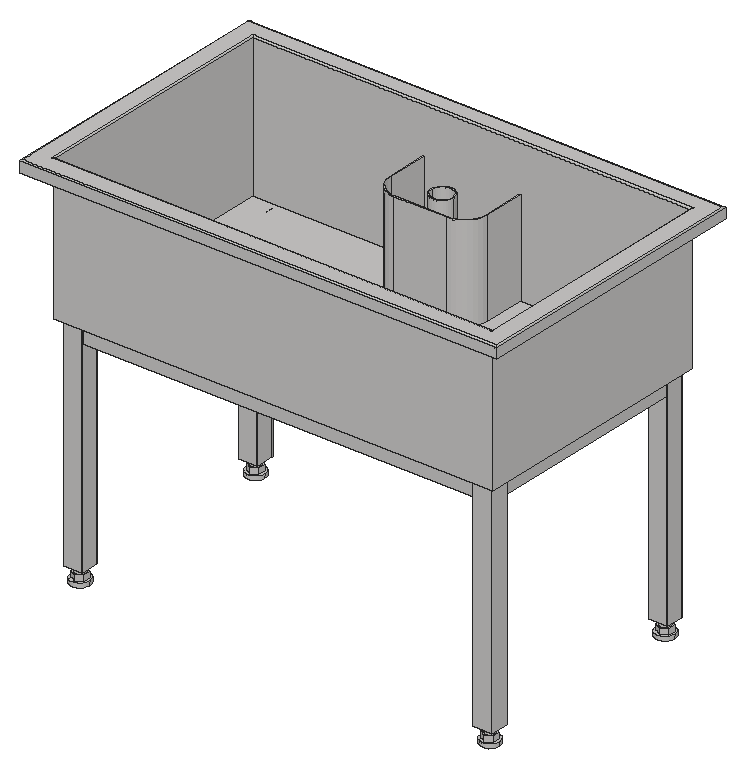
Revit family "PRD_FrankeWS_JntrlUnits_SiriusMultiPurposeSink_SIRX751,SIRX752,SIRX753", category Plumbing Fixtures, Revit 2018
Family settings
  Round Connector Dimension = Use Diameter
  Part Type = Normal
  OmniClass Number = 23.45.05.14.14
  OmniClass Title = Sinks/Lavatories
  Work Plane-Based = No
  Always vertical = Yes
  Cut with Voids When Loaded = No
  Shared = No
  Room Calculation Point = No
Parameters (values of type "SIRX751 - W=100 cm")
  WaterSupplyOverflowAndWasteHolesWaterSupply = "No tapholes"
  WaterSupplyOverflowAndWasteHolesWaste = "Center-Back"
  WaterSupplyOverflowAndWasteHolesOverflow = "Stand pipe overflow"
  WasteSize = 40.00 mm
  WarrantyStartDate [instance] = "1900-12-31T23:59:59"
  WarrantyGuarantorParts = "n/a"
  WarrantyGuarantorLabor = "n/a"
  WarrantyDurationUnit = "year"
  WarrantyDurationParts = "n/a"
  WarrantyDurationLabor = "n/a"
  WarrantyDescription = "n/a"
  Version = "1"
  Uniclass2015Version = "Products v1.5"
  Uniclass2015Title = "Janitorial sinks"
  Uniclass2015Code = "Pr_40_20_96_44"
  URL = "www.kwc.com"
  TagNumber [instance] = "n/a"
  SustainabilityPerformance = "n/a"
  Size = "1000 x 600 x 800 mm"
  SinkType = "Other"
  SinkMounting = "Pedestal"
  SinkMaterial = PRD_AR_StainlessSteel_SatinFinished
  Shape = "Rectangular"
  SerialNumber [instance] = "n/a"
  Revision = "n/a"
  ReplacementCost = "n/a"
  ProductInformation = "https://pim.kwc.com/product/2000100068/attachment/datasheet?locale=en"
  Options = "n/a"
  NominalWidth = 1000 mm
  NominalLength = 0 mm
  NominalHeight = 800 mm
  NominalDepth = 600 mm
  NetWeight = 24.00 kg
  Name = "Sirius multi purpose sink SIRX751"
  NBSTypeID = "n/a"
  NBSReference = "45-35-70/401"
  NBSOfficeMasterTag = "n/a"
  NBSNote = "n/a"
  NBSDescription = "Janitorial units"
  NBSCertification = "n/a"
  ModelReference = "SIRX751"
  ModelNumber = "2000100068"
  Model = ModelReference  # "SIRX751"
  Material = "Stainless steel"
  ManufacturerURL = "www.kwc.com"
  ManufacturerName = "KWC Group AG"  # constant formula
  Manufacturer = ManufacturerName  # "KWC Group AG"
  IntegralAccessories = "n/a"
  InstallationDate [instance] = "1900-12-31T23:59:59"
  IfcExportType = "SINK"
  IfcExportAs = "IfcSanitaryTerminalType"
  GrossWeight = 44.80 kg
  Grade = "n/a"
  Form = "Stainless steel multi purpose sink"
  FinishAndMaterial = "Stainless steel 1.4301"
  Finish = "Satin finished"
  Features = "stainless steel, 1.20 mm, satin finished, floor mounting, 1000x800x600 mm (WxHxD)"
  ExpectedLife = "n/a"
  DurationUnit = "year"
  DrainSize = "DN-40-1-1-2INH"
  Description = "Workroom sink, stainless steel, surface satin finished, material thickness 1.2 mm, 38 mm waste fitting with 1 1/2'' standing plug/overflow tube and strainer, with stainless steel square tube base frame, height adjustable. width: 1000 mm"
  Constituents = "n/a"
  Color = "Stainless steel"
  CodePerformance = "n/a"
  Category = "Pr_40_20_96_44, Janitorial sinks"
  BarCode [instance] = "n/a"
  BIMObjectName = "PRD_AR_JanitorialUnits_SiriusMultiPurposeSink_SIRX751"
  Author = "Archispace"  # constant formula
  AssetType = "Fixed"
  AssetIdentifier [instance] = "n/a"
  AccessibilityPerformance = "n/a"
Types (3, lengths in mm): name | WasteSize | Size | ProductInformation | NominalWidth | NetWeight | Name | ModelReference | ModelNumber | Model | GrossWeight | Features | Description | BIMObjectName
  SIRX751 - W=100 cm | 40.00 | "1000 x 600 x 800 mm" | "https://pim.kwc.com/product/2000100068/attachment/datasheet?locale=en" | 1000 | 24.00 kg | "Sirius multi purpose sink SIRX751" | "SIRX751" | "2000100068" | "SIRX751" | 44.80 kg | "stainless steel, 1.20 mm, satin finished, floor mounting, 1000x800x600 mm (WxHxD)" | "Workroom sink, stainless steel, surface satin finished, material thickness 1.2 mm, 38 mm waste fitting with 1 1/2'' standing plug/overflow tube and strainer, with stainless steel square tube base frame, height adjustable. width: 1000 mm" | "PRD_AR_JanitorialUnits_SiriusMultiPurposeSink_SIRX751"
  SIRX752 - W=150cm | 38.10 | "1500 x 600 x 800 mm" | "https://pim.kwc.com/product/2000100357/attachment/datasheet?locale=en" | 1500 | 31.00 kg | "Sirius multi purpose sink SIRX752" | "SIRX752" | "2000100357" | "SIRX752" | 51.00 kg | "stainless steel, 1.20 mm, satin finished, no mounting, 1500x800x600 mm (WxHxD)" | "Workroom sink, stainless steel, surface satin finished, material thickness 1.2 mm, 38 mm waste fitting with 1 1/2'' standing plug/overflow tube and strainer, with stainless steel square tube base frame, height adjustable. width: 1500 mm" | "PRD_AR_JanitorialUnits_SiriusMultiPurposeSink_SIRX752"
  SIRX753 - W=200cm | 38.10 | "2000 x 600 x 800 mm" | "https://pim.kwc.com/product/2000100359/attachment/datasheet?locale=en" | 2000 | 39.00 kg | "Sirius multi purpose sink SIRX753" | "SIRX753" | "2000100359" | "SIRX753" | 68.20 kg | "stainless steel, 1.20 mm, satin finished, no mounting, 2000x800x600 mm (WxHxD)" | "Workroom sink, stainless steel, surface satin finished, material thickness 1.2 mm, 38 mm waste fitting with 1 1/2'' standing plug/overflow tube and strainer, with stainless steel square tube base frame, height adjustable. width: 2000 mm" | "PRD_AR_JanitorialUnits_SiriusMultiPurposeSink_SIRX753"
Reference planes
  plane 1 "Center (Front/Back)": y = 0
  plane 2: z = 0
  plane 3 "Center (Left/Right)": x = 0
Dimensions and locks
  aligned and locked: level to plane 2
Nested families
  nested 1: "SIRX751,2,3" at (0, 0, 0), type "SIRX751,2,3"
Connectors
  piping at (0, -118, 432.248), diameter 40, driven by "WasteSize"
    settings: on nested 1, index 1, connector inside diameter 609.60 mm, connector length 0 mm, flow factor 0, pipe flow 0.0 L/s, pressure drop 0.0 Pa, fitting loss kfactor 0, connector angle 0.00°, fixture units 0, engagement length 0 mm, angle of deflection 0.00°, flow configuration 2, flow direction 2, fitting loss method 0, system type 16, joint type 0, gender type 0, connector reference index -1, connector utility 0, adjustable connector no, is connector primary yes, connector description ""
Definition of nested family "SIRX751,2,3"
  Parameters (values of type "SIRX751,2,3")
    Material = none
    Length = 1000 mm
  Reference planes
    plane 1 "Center (Front/Back)": y = 0
    plane 2: z = 2.248
    plane 3 "Center (Left/Right)": x = 0
    plane 4: x = -500
    plane 5: x = 500
  Forms (mm)
    Extrusion 1, solid, material <- "Material"
      sketch origin (-200, 2, 2.248) x (1, 0, 0) y (0, 1, 0)
        loop
          circle (200, -120) r 30
      from 501.972 to 430
    Sweep 2, solid, material <- "Material", detail levels fine
      path origin (0, 0, 2.248) x (1, 0, 0) y (0, 1, 0)
        loop
          line (500, 0) -> (-500, 0) -> (-500, -600) -> (500, -600) -> (500, 0)
      profile origin (0, 0, 2.248) x (0, -1, 0) y (0, 0, 1)
        loop
          line (0, 797) -> (0, 776) -> (38.8, 776) -> (38.8, 498) -> (40, 498) -> (40, 797)
          arc (40, 797) -> (39.121, 799.121) -> (37, 800) r 3
          line (37, 800) -> (3, 800)
          arc (3, 800) -> (0.879, 799.121) -> (0, 797) r 3
    Extrusion 3, solid, material <- "Material", detail levels fine
      sketch origin (0, 0, 2.248) x (1, 0, 0) y (0, 1, 0)
        loop
          line (-460, -560) -> (460, -560) -> (460, -40) -> (-460, -40) -> (-460, -560)
      from 498 to 500
    Extrusion 4, solid, material <- "Material", detail levels fine
      sketch origin (0, 0, 2.248) x (1, 0, 0) y (0, 1, 0)
        loop
          line (-101.285, -127.396) -> (-101.285, -40) -> (-102.485, -40) -> (-102.485, -127.396)
          arc (-102.485, -127.396) -> (-88.661, -160.772) -> (-55.285, -174.596) r 47.2
          line (-55.285, -174.596) -> (55.285, -174.596)
          arc (55.285, -174.596) -> (88.661, -160.772) -> (102.485, -127.396) r 47.2
          line (102.485, -127.396) -> (102.485, -40) -> (101.285, -40) -> (101.285, -127.396)
          arc (101.285, -127.396) -> (87.812, -159.923) -> (55.285, -173.396) r 46
          line (55.285, -173.396) -> (-55.285, -173.396)
          arc (-55.285, -173.396) -> (-87.812, -159.923) -> (-101.285, -127.396) r 46
      from 500 to 700
    Extrusion 5, solid, material <- "Material", detail levels fine
      sketch origin (0, 0, 2.248) x (1, 0, 0) y (0, 1, 0)
        loop
          circle (0, -118) r 24
        loop
          circle (0, -118) r 22
      from 501.972 to 700
    Extrusion 6, solid, material <- "Material", detail levels fine
      sketch origin (0, 0, 2.248) x (1, 0, 0) y (0, 1, 0)
        loop
          line (-450, -511.5) -> (-450, -548.5)
          arc (-450, -548.5) -> (-449.561, -549.561) -> (-448.5, -550) r 1.5
          line (-448.5, -550) -> (-411.5, -550)
          arc (-411.5, -550) -> (-410.439, -549.561) -> (-410, -548.5) r 1.5
          line (-410, -548.5) -> (-410, -511.5)
          arc (-410, -511.5) -> (-410.439, -510.439) -> (-411.5, -510) r 1.5
          line (-411.5, -510) -> (-448.5, -510)
          arc (-448.5, -510) -> (-449.561, -510.439) -> (-450, -511.5) r 1.5
        loop
          line (-411.5, -50) -> (-448.5, -50)
          arc (-448.5, -50) -> (-449.561, -50.439) -> (-450, -51.5) r 1.5
          line (-450, -51.5) -> (-450, -88.5)
          arc (-450, -88.5) -> (-449.561, -89.561) -> (-448.5, -90) r 1.5
          line (-448.5, -90) -> (-411.5, -90)
          arc (-411.5, -90) -> (-410.439, -89.561) -> (-410, -88.5) r 1.5
          line (-410, -88.5) -> (-410, -51.5)
          arc (-410, -51.5) -> (-410.439, -50.439) -> (-411.5, -50) r 1.5
        loop
          line (450, -550) -> (450, -510) -> (410, -510) -> (410, -550) -> (450, -550)
        loop
          line (448.5, -50) -> (411.5, -50)
          arc (411.5, -50) -> (410.439, -50.439) -> (410, -51.5) r 1.5
          line (410, -51.5) -> (410, -88.5)
          arc (410, -88.5) -> (410.439, -89.561) -> (411.5, -90) r 1.5
          line (411.5, -90) -> (448.5, -90)
          arc (448.5, -90) -> (449.561, -89.561) -> (450, -88.5) r 1.5
          line (450, -88.5) -> (450, -51.5)
          arc (450, -51.5) -> (449.561, -50.439) -> (448.5, -50) r 1.5
      from 32 to 498
    Extrusion 7, solid, material <- "Material", detail levels medium+fine
      sketch origin (0, 0, 2.248) x (1, 0, 0) y (0, 1, 0)
        loop
          line (-410, -547.5) -> (410, -547.5) -> (410, -512.5) -> (-410, -512.5) -> (-410, -547.5)
        loop
          line (447.5, -510) -> (447.5, -90) -> (412.5, -90) -> (412.5, -510) -> (447.5, -510)
        loop
          line (-412.5, -510) -> (-412.5, -90) -> (-447.5, -90) -> (-447.5, -510) -> (-412.5, -510)
        loop
          line (-410, -87.5) -> (410, -87.5) -> (410, -52.5) -> (-410, -52.5) -> (-410, -87.5)
      from 463 to 498
    Extrusion 8, solid, material <- "Material", detail levels fine
      sketch origin (0, 0, 2.248) x (1, 0, 0) y (0, 1, 0)
        loop
          circle (-430, -530) r 20
        loop
          circle (-430, -70) r 20
        loop
          circle (430, -530) r 20
        loop
          circle (430, -70) r 20
      from 0 to 8
    Extrusion 9, solid, material <- "Material", detail levels fine
      sketch origin (0, 0, 2.248) x (1, 0, 0) y (0, 1, 0)
        loop
          line (-417, -522.494) -> (-430, -514.989) -> (-443, -522.494) -> (-443, -537.506) -> (-430, -545.011) -> (-417, -537.506) -> (-417, -522.494)
        loop
          line (-417, -77.506) -> (-417, -62.494) -> (-430, -54.989) -> (-443, -62.494) -> (-443, -77.506) -> (-430, -85.011) -> (-417, -77.506)
        loop
          line (417, -522.494) -> (417, -537.506) -> (430, -545.011) -> (443, -537.506) -> (443, -522.494) -> (430, -514.989) -> (417, -522.494)
        loop
          line (417, -77.506) -> (430, -85.011) -> (443, -77.506) -> (443, -62.494) -> (430, -54.989) -> (417, -62.494) -> (417, -77.506)
      from 8 to 20
    Extrusion 10, solid, material <- "Material", detail levels fine
      sketch origin (0, 0, 2.248) x (1, 0, 0) y (0, 1, 0)
        loop
          circle (-430, -530) r 10
        loop
          circle (-430, -70) r 10
        loop
          circle (430, -530) r 10
        loop
          circle (430, -70) r 10
      from 20 to 32
    Extrusion 11, solid, material <- "Material", detail levels coarse+medium
      sketch origin (0, 0, 2.248) x (1, 0, 0) y (0, 1, 0)
        loop
          line (-450, -550) -> (-410, -550) -> (-410, -510) -> (-450, -510) -> (-450, -550)
        loop
          line (-410, -50) -> (-450, -50) -> (-450, -90) -> (-410, -90) -> (-410, -50)
        loop
          line (450, -50) -> (410, -50) -> (410, -90) -> (450, -90) -> (450, -50)
        loop
          line (410, -510) -> (410, -550) -> (450, -550) -> (450, -510) -> (410, -510)
      from 0 to 498
    Sweep 12, solid, material <- "Material", detail levels medium
      path origin (0, 0, 2.248) x (1, 0, 0) y (0, 1, 0)
        loop
          line (-500, 0) -> (-500, -600) -> (500, -600) -> (500, 0) -> (-500, 0)
      profile origin (-500, -300, 2.248) x (1, 0, 0) y (0, 0, 1)
        loop
          line (40, 800) -> (0, 800) -> (0, 776) -> (38.8, 776) -> (38.8, 498) -> (40, 498) -> (40, 800)
    Extrusion 13, solid, material <- "Material", detail levels medium
      sketch origin (0, 0, 2.248) x (1, 0, 0) y (0, 1, 0)
        loop
          line (-460, -560) -> (460, -560) -> (460, -40) -> (-460, -40) -> (-460, -560)
      from 498 to 500
    Extrusion 14, solid, material <- "Material", detail levels coarse
      sketch origin (0, 0, 2.248) x (1, 0, 0) y (0, 1, 0)
        loop
          line (-500, 0) -> (-500, -600) -> (500, -600) -> (500, 0) -> (-500, 0)
      from 776 to 800
    Extrusion 15, solid, material <- "Material", detail levels coarse
      sketch origin (0, 0, 2.248) x (1, 0, 0) y (0, 1, 0)
        loop
          line (-461.2, -38.8) -> (-461.2, -561.2) -> (461.2, -561.2) -> (461.2, -38.8) -> (-461.2, -38.8)
      from 463 to 776
  Cuts and joins
    joined: Sweep 2, Extrusion 3
    joined: Sweep 12, Extrusion 13
  Lines and regions (mm)
    symbolic lines, detail levels coarse
      curve 1: line (-459.96, -559.959, 802.248) -> (460, -559.959, 802.248)
      curve 2: line (-459.96, -40, 802.248) -> (-459.96, -559.959, 802.248)
      curve 3: line (460, -40, 802.248) -> (-459.96, -40, 802.248)
      curve 4: line (460, -559.959, 802.248) -> (460, -40, 802.248)
  Dimensions and locks
    equal spacing: plane 4, plane 3 "Center (Left/Right)", plane 5
    "Length": plane 4 to plane 5
    aligned and locked: level to plane 2
    aligned and locked: Sweep 2 sketch curve to plane 1 "Center (Front/Back)"
    aligned and locked: Sweep 2 sketch curve to plane 4
    aligned and locked: plane 5 to Sweep 2 sketch curve
    aligned and locked: Extrusion 6 to Extrusion 7 sketch curve  (x8)
    aligned and locked: Extrusion 11 sketch curve to Extrusion 6  (x8)
    aligned and locked: Extrusion 11 sketch curve to Extrusion 7  (x8)
    aligned and locked: Sweep 12 sketch curve to plane 4
    aligned and locked: Sweep 12 sketch curve to plane 1 "Center (Front/Back)"
    aligned and locked: plane 5 to Sweep 12 sketch curve
    aligned and locked: Sweep 12 sketch curve to cut or joined group of Sweep 2, Extrusion 3
    aligned and locked: Extrusion 13 sketch curve to Sweep 12  (x4)
    aligned and locked: Extrusion 14 sketch curve to plane 4
    aligned and locked: plane 5 to Extrusion 14 sketch curve
    aligned and locked: Extrusion 14 sketch curve to plane 1 "Center (Front/Back)"
    aligned and locked: Extrusion 14 sketch curve to cut or joined group of Sweep 12, Extrusion 13
    aligned and locked: Extrusion 15 sketch curve to cut or joined group of Sweep 12, Extrusion 13  (x4)
  Automatic sketch dimensions
    plane 3 "Center (Left/Right)" to Extrusion 1 sketch curve = 0 mm
    plane 1 "Center (Front/Back)" to Extrusion 1 sketch curve = 118 mm
    plane 1 "Center (Front/Back)" to Sweep 2 sketch curve = 600 mm
    Sweep 2 sketch curve to profile plane = 0 mm
    Sweep 2 sketch curve to profile plane = 3 mm
    Sweep 2 sketch curve to Sweep 2 sketch curve = 34 mm
    Sweep 2 sketch curve to Sweep 2 sketch curve = 1.8 mm
    Sweep 2 sketch curve to Sweep 2 sketch curve = 1.2 mm
    level to Sweep 2 sketch curve = 498 mm
    Sweep 2 sketch curve to Sweep 2 sketch curve = 278 mm
    Sweep 2 sketch curve to Sweep 2 sketch curve = 21 mm
    plane 1 "Center (Front/Back)" to Extrusion 3 sketch curve = 40 mm
    Extrusion 3 sketch curve to Extrusion 3 sketch curve = 520 mm
    plane 4 to Extrusion 3 sketch curve = 40 mm
    plane 5 to Extrusion 3 sketch curve = 40 mm
    Extrusion 4 sketch curve to Extrusion 4 sketch curve = 0 mm  (x4)
    plane 1 "Center (Front/Back)" to Extrusion 4 sketch curve = 40 mm  (x2)
    Extrusion 4 sketch curve to plane 3 "Center (Left/Right)" = 102.485 mm
    Extrusion 4 sketch curve to Extrusion 4 sketch curve = 1.2 mm
    Extrusion 4 sketch curve to Extrusion 4 sketch curve = 46 mm  (x2)
    plane 3 "Center (Left/Right)" to Extrusion 4 sketch curve = 55.285 mm
    Extrusion 4 sketch curve to Extrusion 4 sketch curve = 87.396 mm
    Extrusion 5 sketch curve to Extrusion 5 sketch curve = 0 mm  (x2)
    Extrusion 5 sketch curve to plane 3 "Center (Left/Right)" = 0 mm
    plane 1 "Center (Front/Back)" to Extrusion 5 sketch curve = 118 mm
    plane 4 to Extrusion 6 sketch curve = 50 mm  (x2)
    Extrusion 6 sketch curve to Extrusion 6 sketch curve = 1.5 mm  (x8)
    Extrusion 6 sketch curve to Extrusion 6 sketch curve = 37 mm  (x8)
    Extrusion 6 sketch curve to Extrusion 6 sketch curve = 0 mm  (x2)
    plane 1 "Center (Front/Back)" to Extrusion 6 sketch curve = 51.5 mm  (x2)
    plane 5 to Extrusion 6 sketch curve = 90 mm  (x2)
    Extrusion 6 sketch curve to Extrusion 6 sketch curve = 40 mm  (x2)
    Extrusion 6 sketch curve to Extrusion 6 sketch curve = 420 mm  (x2)
    Extrusion 7 sketch curve to Extrusion 7 sketch curve = 2.5 mm  (x4)
    Extrusion 7 sketch curve to Extrusion 7 sketch curve = 35 mm  (x4)
    plane 4 to Extrusion 8 sketch curve = 70 mm  (x2)
    plane 5 to Extrusion 8 sketch curve = 70 mm  (x2)
    plane 1 "Center (Front/Back)" to Extrusion 8 sketch curve = 530 mm  (x2)
    plane 1 "Center (Front/Back)" to Extrusion 8 sketch curve = 70 mm  (x2)
    plane 4 to Extrusion 9 sketch curve = 57 mm  (x2)
    Extrusion 9 sketch curve to Extrusion 9 sketch curve = 13 mm  (x12)
    plane 5 to Extrusion 9 sketch curve = 83 mm  (x2)
    plane 1 "Center (Front/Back)" to Extrusion 9 sketch curve = 545.011 mm  (x2)
    Extrusion 9 sketch curve to Extrusion 9 sketch curve = 7.506 mm  (x12)
    Extrusion 9 sketch curve to Extrusion 9 sketch curve = 15.011 mm  (x8)
    plane 1 "Center (Front/Back)" to Extrusion 9 sketch curve = 85.011 mm  (x2)
    plane 4 to Extrusion 10 sketch curve = 70 mm  (x2)
    plane 5 to Extrusion 10 sketch curve = 70 mm  (x2)
    plane 1 "Center (Front/Back)" to Extrusion 10 sketch curve = 530 mm  (x2)
    plane 1 "Center (Front/Back)" to Extrusion 10 sketch curve = 70 mm  (x2)
    Sweep 12 sketch curve to profile plane = 38.8 mm
    Sweep 12 sketch curve to Sweep 12 sketch curve = 1.2 mm
    level to Sweep 12 sketch curve = 498 mm
    profile plane to Sweep 12 sketch curve = 0 mm
    Sweep 12 sketch curve to Sweep 12 sketch curve = 278 mm
    Sweep 12 sketch curve to Sweep 12 sketch curve = 24 mm
    plane 5 to curve 1 = 40 mm
    plane 4 to curve 3 = 40.04 mm
    plane 1 "Center (Front/Back)" to curve 3 = 40 mm
    curve 2 to curve 2 = 519.959 mm
    radius of Extrusion 1 sketch curve = 30 mm
    radius of Extrusion 5 sketch curve = 24 mm
    radius of Extrusion 5 sketch curve = 22 mm
    radius of Extrusion 8 sketch curve = 20 mm  (x4)
    radius of Extrusion 10 sketch curve = 10 mm  (x4)
